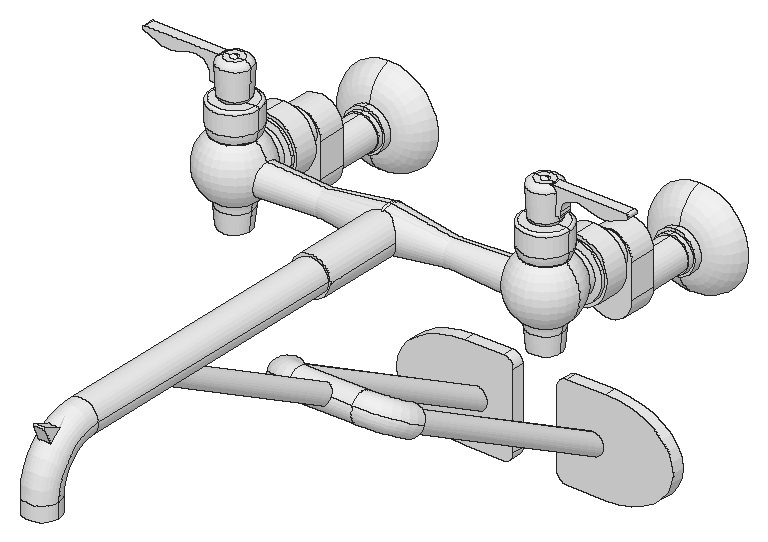
Revit family "Faucet-Wall_Mount-American_Standard-Yoke-8345.115", category Plumbing Fixtures, Revit 2014
Parameters (values of type "8345.115")
  Width = 1' - 3 3/4"
  Waste Connection = no
  WFU = 0
  Vent Connection = no
  URL = "http://www.americanstandard-us.com"
  Specification = "Exposed Yoke Wall-Mount Utility Faucet. Bottom fork brace. Cast brass spout with plain end. Ceramic disc valves. Integral supply stops. Offset shanks with integral check valves. Vandal-resistant Wrist Blade Handles. Bucket hook. 1/2\" NPT female inlets. Adjustable centers-to-centers: 6\"-10\" (152 - 254 mm)."
  Revised Date = "02/09/2017"  # constant formula
  Product URL = "https://www.americanstandard-us.com/bathroom/commercial-faucets/service-sink-faucet-with-bottom-brace-long-spout-supply-stops-21641"
  Product Documentation Link = "https://www.americanstandard-us.com/-/media/sites/asus/files/product-specs/bulk/specsheet8345115.pdf?la=en"
  Model = "8345.115"
  Material = "Polished-American Standard-002-Chrome"
  Manufacturer = "American Standard"
  Length = 1' - 4 3/16"
  Hot Water Connection Diameter = 0' - 0 1/2"
  Height = 0' - 5 1/2"
  HWFU = 1.5
  HW Connection = yes
  Description = "Exposed Yoke Wall-Mount Utility Faucet With Bottom Fork Brace and Offset Shanks."
  Cold Water Connection Diameter = 0' - 0 1/2"
  CWFU = 1.5
  CW Connection = yes
  Assembly Code = "D2020300"
  ADA Compliant = yes
Reference planes (in)
  plane 1 "Center (Front/Back)": y = 0
  plane 2: z = 0
  plane 3 "Center (Left/Right)": x = 0
  plane 4: z = 7.52332
  plane 5: x = 4
  plane 6: x = -4
  plane 7: z = 16.1875
  plane 8: z = 4.125
  plane 9: y = -10.454
  plane 10: y = -6.204
  plane 11: z = 36
  plane 12: x = -1.5
  plane 13: x = 1.5
Forms (in)
  Revolve 1, solid, material "Polished-American Standard-002-Chrome"
    sketch origin (4, 0, 37) x (0, 1, 0) y (0, 0, 1)
      loop
        line (-0.92785, -0.57237) -> (-2.25446, -0.57237) -> (-2.25446, -1) -> (0, -1) -> (0, 0.25)
        arc (0, 0.25) -> (-0.43292, -0.00495) -> (-0.63513, -0.46488) r 0.81792
        line (-0.63513, -0.46488) -> (-0.80701, -0.46488) -> (-0.80701, -0.53586) -> (-0.92785, -0.53586) -> (-0.92785, -0.57237)
      axis (0, -1) -> (-2.25446, -1)
    angle from 0 to 360
  Revolve 2, solid, material "Polished-American Standard-002-Chrome"
    sketch origin (0, -4.97838, 37) x (1, 0, 0) y (0, 0, 1)
      loop
        arc (-0.03663, 0.55381) -> (-2.01882, 0.32618) -> (-4, 0.5625) r 8.5806
        line (-4, 0.5625) -> (-4, 0) -> (0, 0) -> (4, 0) -> (4, 0.5625)
        arc (4, 0.5625) -> (2.01882, 0.32618) -> (0.03663, 0.55381) r 8.5806
        arc (0.03663, 0.55381) -> (0, 0.55805) -> (-0.03663, 0.55381) r 0.16007
      axis (4, 0) -> (-4, 0)
    angle from 0 to 360
  Sweep 3, solid, material "Polished-American Standard-002-Chrome"
    path origin (0, 0, 37) x (0, 1, 0) y (0, 0, 1)
      loop
        line (-4.97838, 0) -> (-7.52332, 0)
    profile origin (0, -6.25085, 37) x (0, 0, -1) y (1, 0, 0)
      loop
        circle (0, 0) r 0.5
  Extrusion 4, solid, material "Polished-American Standard-002-Chrome"
    sketch origin (0, 0, 38.71557) x (1, 0, 0) y (0, 0, 1)
      loop
        arc (0.81593, -7) -> (0.63916, -7.07322) -> (0.56593, -7.25) r 0.25
        line (0.56593, -7.25) -> (0.56593, -9.18114)
        arc (0.56593, -9.18114) -> (0.63916, -9.35792) -> (0.81593, -9.43114) r 0.25
        line (0.81593, -9.43114) -> (1.81593, -9.43114)
        spline (1.81593, -9.43114) -> (2.26887, -9.38972) -> (2.69093, -9.26829) -> (3.05337, -9.07511) -> (3.33148, -8.82336) -> (3.5063, -8.53019) -> (3.56593, -8.21557) -> (3.5063, -7.90096) -> (3.33148, -7.60779) -> (3.05337, -7.35603) -> (2.69093, -7.16286) -> (2.26887, -7.04142) -> (1.81593, -7)
        line (1.81593, -7) -> (0.81593, -7)
    from 0 to 0.3031
  Extrusion 5, solid, material "Polished-American Standard-002-Chrome"
    sketch origin (0, 0, 38.71557) x (-1, 0, 0) y (0, 0, -1)
      loop
        line (0.81593, 7) -> (1.81593, 7)
        spline (1.81593, 7) -> (2.26887, 7.04142) -> (2.69093, 7.16286) -> (3.05337, 7.35603) -> (3.33148, 7.60779) -> (3.5063, 7.90096) -> (3.56593, 8.21557) -> (3.5063, 8.53019) -> (3.33148, 8.82336) -> (3.05337, 9.07511) -> (2.69093, 9.26829) -> (2.26887, 9.38972) -> (1.81593, 9.43114)
        line (1.81593, 9.43114) -> (0.81593, 9.43114)
        arc (0.81593, 9.43114) -> (0.63916, 9.35792) -> (0.56593, 9.18114) r 0.25
        line (0.56593, 9.18114) -> (0.56593, 7.25)
        arc (0.56593, 7.25) -> (0.63916, 7.07322) -> (0.81593, 7) r 0.25
      loop
        arc (-0.81593, 7) -> (-0.63916, 7.07322) -> (-0.56593, 7.25) r 0.25
        line (-0.56593, 7.25) -> (-0.56593, 9.18114)
        arc (-0.56593, 9.18114) -> (-0.63916, 9.35792) -> (-0.81593, 9.43114) r 0.25
        line (-0.81593, 9.43114) -> (-1.81593, 9.43114)
        spline (-1.81593, 9.43114) -> (-2.26887, 9.38972) -> (-2.69093, 9.26829) -> (-3.05337, 9.07511) -> (-3.33148, 8.82336) -> (-3.5063, 8.53019) -> (-3.56593, 8.21557) -> (-3.5063, 7.90096) -> (-3.33148, 7.60779) -> (-3.05337, 7.35603) -> (-2.69093, 7.16286) -> (-2.26887, 7.04142) -> (-1.81593, 7)
        line (-1.81593, 7) -> (-0.81593, 7)
    from 0 to 0.3031
  Extrusion 6, solid, material "Polished-American Standard-002-Chrome"
    sketch origin (0, 0, 36) x (1, 0, 0) y (0, 0, 1)
      loop
        line (4.60339, 0.0181) -> (4.60339, 0.89555)
        arc (4.60339, 0.89555) -> (4.00425, 1.49469) -> (3.4051, 0.89555) r 0.59914
        line (3.4051, 0.89555) -> (3.4051, 0.0181)
        arc (3.4051, 0.0181) -> (4.00425, -0.58104) -> (4.60339, 0.0181) r 0.59914
    from 2.25446 to 2.94317
  Sweep 7, solid, material "Polished-American Standard-002-Chrome"
    path origin (0, -5.1875, 34.59065) x (0, 1, 0) y (0, 0, 1)
      loop
        line (-2.33582, 2.40935) -> (-9.73763, 2.40935)
        arc (-9.73763, 2.40935) -> (-10.63026, 2.03961) -> (-11, 1.14698) r 1.26237
        line (-11, 1.14698) -> (-11, 0.76577)
    profile origin (0, -11.22423, 37) x (0, 0, -1) y (1, 0, 0)
      loop
        circle (0, 0) r 0.43607
  Extrusion 8, solid, material "Polished-American Standard-002-Chrome"
    sketch origin (0, -5.1875, 34.59065) x (0, 1, 0) y (0, 0, 1)
      loop
        line (-10.37804, 2.49163) -> (-11.03557, 2.77073)
        arc (-11.03557, 2.77073) -> (-11.0676, 2.76451) -> (-11.07383, 2.73247) r 0.02918
        line (-11.07383, 2.73247) -> (-10.79473, 2.07495) -> (-10.37804, 2.49163)
    from -0.14398 to 0.14398
  Sweep 9, solid, material "Polished-American Standard-002-Chrome"
    path origin (0, -2.75688, 38.42906) x (0, 0.956305, 0.292372) y (0, -0.292372, 0.956305)
      loop
        line (0.14814, -8.45124) -> (-4.97838, -3.32471)
    profile origin (0, -3.345, 32.09225) x (0, -0.469472, -0.882948) y (1, 0, 0)
      loop
        circle (0, 1.5) r 0.25
  Sweep 10, solid, material "Polished-American Standard-002-Chrome"
    path origin (0, -2.75688, 38.42906) x (0, 0.956305, 0.292372) y (0, 0.292372, -0.956305)
      loop
        line (0.14814, 8.45124) -> (-4.97838, 3.32471)
    profile origin (0, -3.345, 32.09225) x (0, 0.469472, 0.882948) y (-1, 0, 0)
      loop
        circle (0, 1.5) r 0.25
  Sweep 11, solid, material "Polished-American Standard-002-Chrome"
    path origin (0, -3.32143, 35.61899) x (1, 0, 0) y (0, 0.882948, -0.469472)
      loop
        arc (-1.51931, -1.658) -> (-1.3122, -2.158) -> (-0.8122, -2.3651) r 0.70711
        line (-0.8122, -2.3651) -> (0.8122, -2.3651)
        arc (0.8122, -2.3651) -> (1.3122, -2.158) -> (1.51931, -1.658) r 0.70711
    profile origin (-1.3122, -5.22682, 36.63211) x (0.707107, 0.624338, -0.331967) y (0, 0.469472, 0.882948)
      loop
        circle (0, -3.125) r 0.375
  Sweep 12, solid, material "Polished-American Standard-002-Chrome"
    path origin (0, -2.75688, 38.42906) x (0, 0.956305, 0.292372) y (0, -0.292372, 0.956305)
      loop
        line (-5.35046, -2.95263) -> (-9.55187, 1.24878)
    profile origin (0, -9.63339, 35.43585) x (0, -0.469472, -0.882948) y (1, 0, 0)
      loop
        circle (0, 0) r 0.25
  Revolve 13, solid, material "Polished-American Standard-002-Chrome"
    sketch origin (4, 0, 37.57237) x (0, 1, 0) y (0, 0, 1)
      loop
        line (-3.9968, 0.2532) -> (-3.9968, 0.16237) -> (-4.06521, 0.16237) -> (-4.10268, 0.00007) -> (-4.68695, 0.00007) -> (-4.68695, -0.57237) -> (-2.94317, -0.57237) -> (-2.94317, -0.09301) -> (-3.37584, -0.09301) -> (-3.37584, 0.18919) -> (-3.40569, 0.2532) -> (-3.9968, 0.2532)
      axis (-2.94317, -0.57237) -> (-4.68695, -0.57237)
    angle from 0 to 360
  Revolve 14, solid, material "Polished-American Standard-002-Chrome"
    sketch origin (-0.00029, -4.97838, 37.04404) x (1, 0, 0) y (0, 0, -1)
      loop
        line (4.00029, -0.73723) -> (4.54396, -0.73723)
        arc (4.54396, -0.73723) -> (4.89217, 0.00757) -> (4.47765, 0.7176) r 0.88535
        arc (4.47765, 0.7176) -> (4.45119, 0.81637) -> (4.43637, 0.91754) r 0.87921
        line (4.43637, 0.91754) -> (4.3937, 1.40524) -> (4.00029, 1.40524) -> (4.00029, -0.73723)
      axis (4.00029, 1.40524) -> (4.00029, -0.73723)
    angle from 0 to 360
  Extrusion 15, solid, material "Polished-American Standard-002-Chrome"
    sketch origin (-0.00029, -6.75963, 36.796) x (-1, 0, 0) y (0, 0, 1)
      loop
        line (-4.35437, 2.06614) -> (-4.38249, 2.6027)
        arc (-4.38249, 2.6027) -> (-4.37535, 2.65351) -> (-4.3497, 2.69795) r 0.13446
        arc (-4.3497, 2.69795) -> (-4.32846, 2.71763) -> (-4.30351, 2.7323) r 0.13446
        arc (-4.30351, 2.7323) -> (-4.26373, 2.74392) -> (-4.2225, 2.74805) r 0.2253
        line (-4.2225, 2.74805) -> (-6.19694, 2.74805)
        arc (-6.19694, 2.74805) -> (-6.25589, 2.69843) -> (-6.21706, 2.63188) r 0.05983
        line (-6.21706, 2.63188) -> (-5.86193, 2.48219)
        arc (-5.86193, 2.48219) -> (-5.63619, 2.42824) -> (-5.40511, 2.45001) r 0.70957
        line (-5.40511, 2.45001) -> (-5.03251, 2.54843)
        arc (-5.03251, 2.54843) -> (-4.85758, 2.55932) -> (-4.69177, 2.50251) r 0.44974
        arc (-4.69177, 2.50251) -> (-4.57067, 2.38723) -> (-4.52607, 2.2261) r 0.3134
        line (-4.52607, 2.2261) -> (-4.52607, 2.13144)
        arc (-4.52607, 2.13144) -> (-4.50695, 2.08526) -> (-4.46077, 2.06614) r 0.0653
        line (-4.46077, 2.06614) -> (-4.35437, 2.06614)
    from 1.63852 to 1.91179
  Revolve 16, solid, material "Polished-American Standard-002-Chrome"
    sketch origin (-0.00029, -4.97838, 36.796) x (1, 0, 0) y (0, 0, -1)
      loop
        arc (4.00029, -2.78825) -> (4.05004, -2.77928) -> (4.08999, -2.74831) r 0.10606
        line (4.08999, -2.74831) -> (4.25029, -2.74831)
        arc (4.25029, -2.74831) -> (4.36143, -2.70625) -> (4.41688, -2.60116) r 0.16788
        line (4.41688, -2.60116) -> (4.37975, -1.89261)
        arc (4.37975, -1.89261) -> (4.36007, -1.84991) -> (4.31639, -1.83248) r 0.06344
        line (4.31639, -1.83248) -> (4.23867, -1.83248) -> (4.23867, -1.79162) -> (4.55037, -1.79162)
        arc (4.55037, -1.79162) -> (4.59948, -1.77127) -> (4.61982, -1.72216) r 0.06945
        line (4.61982, -1.72216) -> (4.61982, -1.23447)
        arc (4.61982, -1.23447) -> (4.59875, -1.12763) -> (4.56358, -1.02458) r 0.81277
        line (4.56358, -1.02458) -> (4.53283, -1.02458) -> (4.53283, -0.98527) -> (4.00029, -0.98527) -> (4.00029, -2.78825)
      axis (4.00029, -0.98527) -> (4.00029, -2.78825)
    angle from 0 to 360
  Revolve 17, solid, material "Polished-American Standard-002-Chrome"
    sketch origin (-4, 0, 37) x (0, 1, 0) y (0, 0, -1)
      loop
        line (-0.92785, 0.57237) -> (-0.92785, 0.53586) -> (-0.80701, 0.53586) -> (-0.80701, 0.46488) -> (-0.63513, 0.46488)
        arc (-0.63513, 0.46488) -> (-0.43292, 0.00495) -> (0, -0.25) r 0.81792
        line (0, -0.25) -> (0, 1) -> (-2.25446, 1) -> (-2.25446, 0.57237) -> (-0.92785, 0.57237)
      axis (0, 1) -> (-2.25446, 1)
    angle from 0 to 360
  Extrusion 18, solid, material "Polished-American Standard-002-Chrome"
    sketch origin (0, 0, 36) x (-1, 0, 0) y (0, 0, -1)
      loop
        arc (4.60339, -0.0181) -> (4.00425, 0.58104) -> (3.4051, -0.0181) r 0.59914
        line (3.4051, -0.0181) -> (3.4051, -0.89555)
        arc (3.4051, -0.89555) -> (4.00425, -1.49469) -> (4.60339, -0.89555) r 0.59914
        line (4.60339, -0.89555) -> (4.60339, -0.0181)
    from 2.25446 to 2.94317
  Revolve 19, solid, material "Polished-American Standard-002-Chrome"
    sketch origin (-4, 0, 37.57237) x (0, 1, 0) y (0, 0, -1)
      loop
        line (-3.9968, -0.2532) -> (-3.40569, -0.2532) -> (-3.37584, -0.18919) -> (-3.37584, 0.09301) -> (-2.94317, 0.09301) -> (-2.94317, 0.57237) -> (-4.68695, 0.57237) -> (-4.68695, -0.00007) -> (-4.10268, -0.00007) -> (-4.06521, -0.16237) -> (-3.9968, -0.16237) -> (-3.9968, -0.2532)
      axis (-2.94317, 0.57237) -> (-4.68695, 0.57237)
    angle from 0 to 360
  Extrusion 20, solid, material "Polished-American Standard-002-Chrome"
    sketch origin (0.00029, -6.75963, 36.796) x (1, 0, 0) y (0, 0, -1)
      loop
        line (-4.35437, -2.06614) -> (-4.46077, -2.06614)
        arc (-4.46077, -2.06614) -> (-4.50695, -2.08526) -> (-4.52607, -2.13144) r 0.0653
        line (-4.52607, -2.13144) -> (-4.52607, -2.2261)
        arc (-4.52607, -2.2261) -> (-4.57067, -2.38723) -> (-4.69177, -2.50251) r 0.3134
        arc (-4.69177, -2.50251) -> (-4.85758, -2.55932) -> (-5.03251, -2.54843) r 0.44974
        line (-5.03251, -2.54843) -> (-5.40511, -2.45001)
        arc (-5.40511, -2.45001) -> (-5.63619, -2.42824) -> (-5.86193, -2.48219) r 0.70957
        line (-5.86193, -2.48219) -> (-6.21706, -2.63188)
        arc (-6.21706, -2.63188) -> (-6.25589, -2.69843) -> (-6.19694, -2.74805) r 0.05983
        line (-6.19694, -2.74805) -> (-4.2225, -2.74805)
        arc (-4.2225, -2.74805) -> (-4.26373, -2.74392) -> (-4.30351, -2.7323) r 0.2253
        arc (-4.30351, -2.7323) -> (-4.32846, -2.71763) -> (-4.3497, -2.69795) r 0.13446
        arc (-4.3497, -2.69795) -> (-4.37535, -2.65351) -> (-4.38249, -2.6027) r 0.13446
        line (-4.38249, -2.6027) -> (-4.35437, -2.06614)
    from 1.63852 to 1.91179
  Revolve 21, solid, material "Polished-American Standard-002-Chrome"
    sketch origin (0.00029, -4.97838, 36.796) x (-1, 0, 0) y (0, 0, 1)
      loop
        line (4.00029, 2.78825) -> (4.00029, 0.98527) -> (4.53283, 0.98527) -> (4.53283, 1.02458) -> (4.56358, 1.02458)
        arc (4.56358, 1.02458) -> (4.59875, 1.12763) -> (4.61982, 1.23447) r 0.81277
        line (4.61982, 1.23447) -> (4.61982, 1.72216)
        arc (4.61982, 1.72216) -> (4.59948, 1.77127) -> (4.55037, 1.79162) r 0.06945
        line (4.55037, 1.79162) -> (4.23867, 1.79162) -> (4.23867, 1.83248) -> (4.31639, 1.83248)
        arc (4.31639, 1.83248) -> (4.36007, 1.84991) -> (4.37975, 1.89261) r 0.06344
        line (4.37975, 1.89261) -> (4.41688, 2.60116)
        arc (4.41688, 2.60116) -> (4.36143, 2.70625) -> (4.25029, 2.74831) r 0.16788
        line (4.25029, 2.74831) -> (4.08999, 2.74831)
        arc (4.08999, 2.74831) -> (4.05004, 2.77928) -> (4.00029, 2.78825) r 0.10606
      axis (4.00029, 0.98527) -> (4.00029, 2.78825)
    angle from 0 to 360
  Revolve 22, solid, material "Polished-American Standard-002-Chrome"
    sketch origin (0.00029, -4.97838, 37.04404) x (-1, 0, 0) y (0, 0, 1)
      loop
        line (4.00029, 0.73723) -> (4.00029, -1.40524) -> (4.3937, -1.40524) -> (4.43637, -0.91754)
        arc (4.43637, -0.91754) -> (4.45119, -0.81637) -> (4.47765, -0.7176) r 0.87921
        arc (4.47765, -0.7176) -> (4.89217, -0.00757) -> (4.54396, 0.73723) r 0.88535
        line (4.54396, 0.73723) -> (4.00029, 0.73723)
      axis (4.00029, -1.40524) -> (4.00029, 0.73723)
    angle from 0 to 360
Cuts and joins
  joined: Revolve 1, Revolve 2, Sweep 3, Extrusion 4, Extrusion 5, Extrusion 6, Sweep 7, Extrusion 8, Sweep 9, Sweep 10, Sweep 11, Sweep 12, Revolve 13, Revolve 14, Revolve 16, Revolve 17, Extrusion 18, Revolve 19, Revolve 21, Revolve 22
Lines and regions (in)
  Masking region 1
    outline origin (0, 0, 0) x (1, 0, 0) y (0, 1, 0)
      loop
        line (6.25694, -4.84784) -> (4.88244, -4.84784)
        arc (4.88244, -4.84784) -> (4.78117, -4.54106) -> (4.57267, -4.29428) r 0.84944
        line (4.57267, -4.29428) -> (4.57267, -4.10268) -> (4.73519, -4.06521) -> (4.73519, -3.9968) -> (4.82638, -3.9968) -> (4.82638, -3.40686) -> (4.76202, -3.37584) -> (4.47982, -3.37584) -> (4.47982, -2.94317) -> (4.60385, -2.94317) -> (4.60385, -2.25446) -> (4.42809, -2.25446) -> (4.42809, -0.92785) -> (4.4646, -0.92785) -> (4.4646, -0.80701) -> (4.53558, -0.80701) -> (4.53558, -0.63513)
        arc (4.53558, -0.63513) -> (4.99819, -0.43576) -> (5.25092, 0) r 0.80273
        line (5.25092, 0) -> (0.56639, 0) -> (0.56639, -0.3031) -> (1.24947, -0.3031) -> (1.24947, -4.61885)
        arc (1.24947, -4.61885) -> (0.62118, -4.54385) -> (0.00046, -4.42102) r 8.26826
        arc (0.00046, -4.42102) -> (-0.62026, -4.54385) -> (-1.24855, -4.61885) r 8.26826
        line (-1.24855, -4.61885) -> (-1.24855, -0.3031) -> (-0.56548, -0.3031) -> (-0.56548, 0) -> (-5.25, 0)
        arc (-5.25, 0) -> (-4.99727, -0.43576) -> (-4.53467, -0.63513) r 0.80273
        line (-4.53467, -0.63513) -> (-4.53467, -0.80701) -> (-4.46368, -0.80701) -> (-4.46368, -0.92785) -> (-4.42718, -0.92785) -> (-4.42718, -2.25446) -> (-4.60293, -2.25446) -> (-4.60293, -2.94317) -> (-4.4789, -2.94317) -> (-4.4789, -3.37584) -> (-4.7611, -3.37584) -> (-4.82546, -3.40686) -> (-4.82546, -3.9968) -> (-4.73428, -3.9968) -> (-4.73428, -4.06521) -> (-4.57175, -4.10268) -> (-4.57175, -4.29428)
        arc (-4.57175, -4.29428) -> (-4.78025, -4.54106) -> (-4.88152, -4.84784) r 0.84944
        line (-4.88152, -4.84784) -> (-6.25603, -4.84784) -> (-6.25603, -5.12111) -> (-4.88152, -5.12111)
        arc (-4.88152, -5.12111) -> (-4.14434, -5.8641) -> (-3.2089, -5.39463) r 0.89166
        arc (-3.2089, -5.39463) -> (-2.48089, -5.31894) -> (-1.74901, -5.30963) r 8.05807
        line (-1.74901, -5.30963) -> (-1.74901, -6.11346)
        spline (-1.74901, -6.11346) -> (-1.76939, -6.12145) -> (-1.78851, -6.13011) -> (-1.80628, -6.13938) -> (-1.82261, -6.14921) -> (-1.83741, -6.15956) -> (-1.85061, -6.17038) -> (-1.86216, -6.18161) -> (-1.87197, -6.1932) -> (-1.88002, -6.20508) -> (-1.88626, -6.2172) -> (-1.89065, -6.2295) -> (-1.89318, -6.24191)
        arc (-1.89318, -6.24191) -> (-1.86868, -6.47968) -> (-1.77871, -6.70114) r 0.84673
        arc (-1.77871, -6.70114) -> (-1.43997, -7.06297) -> (-0.9776, -7.2415) r 1.11111
        arc (-0.9776, -7.2415) -> (-0.88417, -7.25099) -> (-0.79028, -7.25256) r 1.11111
        line (-0.79028, -7.25256) -> (-0.49882, -7.25256) -> (-0.49882, -7.52332) -> (-0.43561, -7.52332) -> (-0.43561, -16.1875)
        arc (-0.43561, -16.1875) -> (0.00046, -16.62357) -> (0.43652, -16.1875) r 0.43607
        line (0.43652, -16.1875) -> (0.43652, -7.52332) -> (0.49974, -7.52332) -> (0.49974, -7.25256) -> (0.7912, -7.25256)
        arc (0.7912, -7.25256) -> (0.88509, -7.25099) -> (0.97851, -7.2415) r 1.11111
        arc (0.97851, -7.2415) -> (1.44089, -7.06297) -> (1.77963, -6.70114) r 1.11111
        arc (1.77963, -6.70114) -> (1.8696, -6.47968) -> (1.89409, -6.24191) r 0.84673
        spline (1.89409, -6.24191) -> (1.89157, -6.2295) -> (1.88717, -6.2172) -> (1.88094, -6.20508) -> (1.87289, -6.1932) -> (1.86307, -6.18161) -> (1.85153, -6.17038) -> (1.83833, -6.15956) -> (1.82352, -6.14921) -> (1.8072, -6.13938) -> (1.78943, -6.13011) -> (1.77031, -6.12145) -> (1.74993, -6.11346)
        line (1.74993, -6.11346) -> (1.74993, -5.30963)
        arc (1.74993, -5.30963) -> (2.4818, -5.31894) -> (3.20981, -5.39463) r 8.05807
        arc (3.20981, -5.39463) -> (4.14526, -5.8641) -> (4.88244, -5.12111) r 0.89166
        line (4.88244, -5.12111) -> (6.25694, -5.12111) -> (6.25694, -4.84784)
      loop
        line (3.42825, -4.29428) -> (3.42825, -4.10268) -> (3.26572, -4.06521) -> (3.26572, -3.9968) -> (3.17454, -3.9968) -> (3.17454, -3.40686) -> (3.2389, -3.37584) -> (3.5211, -3.37584) -> (3.5211, -2.94317) -> (3.39707, -2.94317) -> (3.39707, -2.25446) -> (3.57282, -2.25446) -> (3.57282, -0.92785) -> (3.53632, -0.92785) -> (3.53632, -0.80701) -> (3.46533, -0.80701) -> (3.46533, -0.63513)
        arc (3.46533, -0.63513) -> (3.13797, -0.53277) -> (2.88322, -0.3031) r 0.80273
        line (2.88322, -0.3031) -> (1.75145, -0.3031) -> (1.75145, -4.64743)
        arc (1.75145, -4.64743) -> (2.4818, -4.64149) -> (3.20825, -4.56595) r 7.65351
        arc (3.20825, -4.56595) -> (3.30317, -4.41791) -> (3.42825, -4.29428) r 0.79721
      loop
        line (1.24947, -6.13042) -> (1.24947, -5.34162)
        arc (1.24947, -5.34162) -> (0.8736, -5.38104) -> (0.50033, -5.44024) r 7.15977
        line (0.50033, -5.44024) -> (0.50033, -6.50202) -> (0.82533, -6.50202)
        arc (0.82533, -6.50202) -> (1.03036, -6.43524) -> (1.14477, -6.25245) r 0.31586
        spline (1.14477, -6.25245) -> (1.14553, -6.24122) -> (1.14782, -6.23004) -> (1.15162, -6.21895) -> (1.15692, -6.20799) -> (1.1637, -6.19722) -> (1.17192, -6.18667) -> (1.18157, -6.17639) -> (1.19259, -6.16642) -> (1.20494, -6.15679) -> (1.21858, -6.14756) -> (1.23344, -6.13876) -> (1.24947, -6.13042)
      loop
        arc (-3.42733, -4.29428) -> (-3.30226, -4.41791) -> (-3.20734, -4.56595) r 0.79721
        arc (-3.20734, -4.56595) -> (-2.48088, -4.64149) -> (-1.75053, -4.64743) r 7.65351
        line (-1.75053, -4.64743) -> (-1.75053, -0.3031) -> (-2.8823, -0.3031)
        arc (-2.8823, -0.3031) -> (-3.13705, -0.53277) -> (-3.46442, -0.63513) r 0.80273
        line (-3.46442, -0.63513) -> (-3.46442, -0.80701) -> (-3.5354, -0.80701) -> (-3.5354, -0.92785) -> (-3.57191, -0.92785) -> (-3.57191, -2.25446) -> (-3.39615, -2.25446) -> (-3.39615, -2.94317) -> (-3.52018, -2.94317) -> (-3.52018, -3.37584) -> (-3.23798, -3.37584) -> (-3.17362, -3.40686) -> (-3.17362, -3.9968) -> (-3.26481, -3.9968) -> (-3.26481, -4.06521) -> (-3.42733, -4.10268) -> (-3.42733, -4.29428)
      loop
        spline (-1.24855, -6.13042) -> (-1.23252, -6.13876) -> (-1.21766, -6.14756) -> (-1.20403, -6.15679) -> (-1.19167, -6.16642) -> (-1.18065, -6.17639) -> (-1.17101, -6.18667) -> (-1.16278, -6.19722) -> (-1.156, -6.20799) -> (-1.1507, -6.21895) -> (-1.1469, -6.23004) -> (-1.14461, -6.24122) -> (-1.14385, -6.25245)
        arc (-1.14385, -6.25245) -> (-1.02945, -6.43524) -> (-0.82441, -6.50202) r 0.31586
        line (-0.82441, -6.50202) -> (-0.49941, -6.50202) -> (-0.49941, -5.44024)
        arc (-0.49941, -5.44024) -> (-0.87268, -5.38104) -> (-1.24855, -5.34162) r 7.15977
        line (-1.24855, -5.34162) -> (-1.24855, -6.13042)
  symbolic lines, detail levels medium+fine
    curve 1: line (4.88237, -4.84784, 0) -> (4.22222, -4.84784, 0)
    curve 2: line (4.22222, -5.12111, 0) -> (4.88244, -5.12111, 0)
    curve 3: arc (4.39139, -5.12111, 0) -> (3.58345, -4.97193, 0) -> (4.39562, -4.84784, 0) r 0.4166
    curve 4: line (4.42763, -2.25446, 0) -> (3.57237, -2.25446, 0)
    curve 5: line (3.52064, -2.94317, 0) -> (4.47936, -2.94317, 0)
    curve 6: line (4.47936, -3.37584, 0) -> (3.52064, -3.37584, 0)
    curve 7: line (3.42756, -4.10268, 0) -> (4.57244, -4.10268, 0)
    curve 8: line (3.46488, -0.63513, 0) -> (4.53512, -0.63513, 0)
    curve 11: line (1.25, -0.3031, 0) -> (1.75, -0.3031, 0)
    curve 12: line (-0.43607, -7.52332, 0) -> (0.43607, -7.52332, 0)
    curve 17: arc (1.75145, -4.64743, 0) -> (1.50017, -4.63817, 0) -> (1.24947, -4.61885, 0) r 6.27658
    curve 18: arc (1.74993, -5.30963, 0) -> (1.49937, -5.32057, 0) -> (1.24947, -5.34162, 0) r 6.20321
    curve 19: line (0.50033, -6.50202, 0) -> (0.50033, -7.25202, 0)
    curve 20: line (-0.49882, -7.25256, 0) -> (-0.49882, -6.50256, 0)
    curve 25: line (-4.88237, -4.84784, 0) -> (-4.22222, -4.84784, 0)
    curve 26: line (-4.22222, -5.12111, 0) -> (-4.88244, -5.12111, 0)
    curve 27: arc (-4.39139, -5.12111, 0) -> (-3.58345, -4.97193, 0) -> (-4.39562, -4.84784, 0) r 0.4166
    curve 28: line (-4.42763, -2.25446, 0) -> (-3.57237, -2.25446, 0)
    curve 29: line (-3.52064, -2.94317, 0) -> (-4.47936, -2.94317, 0)
    curve 30: line (-4.47936, -3.37584, 0) -> (-3.52064, -3.37584, 0)
    curve 31: line (-3.42756, -4.10268, 0) -> (-4.57244, -4.10268, 0)
    curve 32: line (-3.46488, -0.63513, 0) -> (-4.53512, -0.63513, 0)
    curve 35: line (-1.25, -0.3031, 0) -> (-1.75, -0.3031, 0)
    curve 40: arc (-1.75145, -4.64743, 0) -> (-1.50017, -4.63817, 0) -> (-1.24947, -4.61885, 0) r 6.27658
    curve 41: arc (-1.74993, -5.30963, 0) -> (-1.49937, -5.32057, 0) -> (-1.24947, -5.34162, 0) r 6.20321
    curve 42: line (-0.50033, -6.50202, 0) -> (-0.50033, -7.25202, 0)
  symbolic lines, detail levels fine
    curve 9: line (4.46414, -0.80701, 0) -> (3.53586, -0.80701, 0)
    curve 10: line (3.57237, -0.92785, 0) -> (4.42763, -0.92785, 0)
    curve 13: arc (4.60287, -5.12111, 0) -> (3.3805, -4.97214, 0) -> (4.60563, -4.84784, 0) r 0.61954
    curve 14: line (3.26526, -3.9968, 0) -> (4.73474, -3.9968, 0)
    curve 15: line (3.17443, -3.40569, 0) -> (4.82745, -3.40569, 0)
    curve 16: circle (4, -4.97838, 0) r 0.0897 normal (0, 0, -1)
    curve 21: line (0.14398, -16.26365, 0) -> (0.14398, -15.56554, 0)
    curve 22: line (-0.14398, -15.56554, 0) -> (-0.14398, -16.26365, 0)
    curve 23: line (-0.14398, -16.26365, 0) -> (0.14398, -16.26365, 0)
    curve 24: arc (1.24947, -6.13042, 0) -> (1.4982, -6.07762, 0) -> (1.74993, -6.11346, 0) r 0.72899
    curve 33: line (-4.46414, -0.80701, 0) -> (-3.53586, -0.80701, 0)
    curve 34: line (-3.57237, -0.92785, 0) -> (-4.42763, -0.92785, 0)
    curve 36: arc (-4.60287, -5.12111, 0) -> (-3.3805, -4.97214, 0) -> (-4.60563, -4.84784, 0) r 0.61954
    curve 37: line (-3.26526, -3.9968, 0) -> (-4.73474, -3.9968, 0)
    curve 38: line (-3.17443, -3.40569, 0) -> (-4.82745, -3.40569, 0)
    curve 39: circle (-4, -4.97838, 0) r 0.0897 normal (0, 0, 1)
    curve 43: arc (-1.24947, -6.13042, 0) -> (-1.4982, -6.07762, 0) -> (-1.74993, -6.11346, 0) r 0.72899
Dimensions and locks (in)
  plane 11 to level = 3' - 0"
Connectors (in)
  piping at (4, 0, 36), diameter 0.5, driven by "CWFU", driven by "Cold Water Connection Diameter"
    settings: on Revolve 1, index 11, connector inside diameter 24", connector length 0' - 0", flow factor 0, pipe flow 0 GPM, pressure drop 0.00 psi, fitting loss kfactor 0, connector angle 0.00°, fixture units 1.5, engagement length 0' - 0", angle of deflection 0.00°, flow configuration 3, flow direction 1, fitting loss method 0, system type 20, joint type 0, gender type 0, connector reference index -1, connector utility 0, adjustable connector no, is connector primary yes, connector description "1/2\" CW Inlet Supply"
  piping at (-4, 0, 36), diameter 0.5, driven by "HWFU", driven by "Hot Water Connection Diameter"
    settings: on Revolve 17, index 12, connector inside diameter 24", connector length 0' - 0", flow factor 0, pipe flow 0 GPM, pressure drop 0.00 psi, fitting loss kfactor 0, connector angle 0.00°, fixture units 1.5, engagement length 0' - 0", angle of deflection 0.00°, flow configuration 3, flow direction 1, fitting loss method 0, system type 19, joint type 0, gender type 0, connector reference index -1, connector utility 0, adjustable connector no, is connector primary no, connector description "1/2\" HW Inlet Supply"
